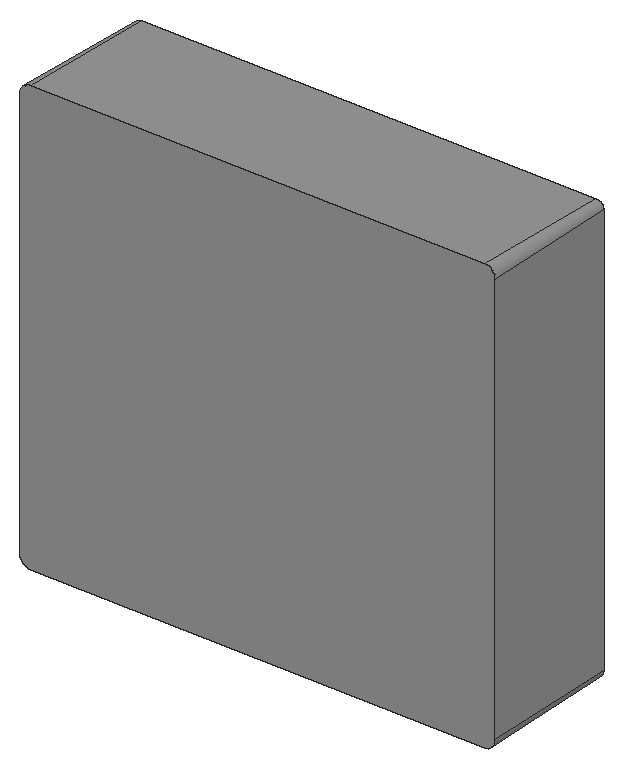
Revit family "L&L_LUCE&LIGHT_PASITO_1.2", category Lighting Fixtures, host Wall, Revit 2018 (continued)
Types (2, lengths in mm): name | Photometric Web File | built-in parameter 1150142
    0 0.00 0.00 0.00 0.00 0.00 0.00 0.00 0.00 0.00 \r\n0.00 0.00 0.00 0.00 0.00 0.00 0.00 0.00 0.00 0.00 0.00 \r\n0.00 0.00 0.00 0.00 0.00 0.00 0.00 0.00 0.00 0.00 0.00 \r\n0.00 0.00 0.00 0.00 0.00 0.00 0.00 0.00 0.00 0.00 0.00 \r\n0.00 0.00 0.00 0.00 0.00 0.00 0.00 0.00 0.00 0.00 0.00 \r\n0.00 0.00 0.00 0.00 0.00 0.00 0.00 0.00 0.00 0.00 0.00 \r\n0.00 0.00 0.00 0.00 0.02 \r\n0.14 0.01 0.00 0.00 0.00 0.00 0.00 0.00 0.00 0.00 0.00 \r\n0.00 0.00 0.00 0.00 0.00 0.00 0.00 0.00 0.00 0.00 0.00 \r\n0.00 0.00 0.00 0.00 0.00 0.00 0.00 0.00 0.00 0.00 0.00 \r\n0.00 0.00 0.00 0.00 0.00 0.00 0.00 0.00 0.00 0.00 0.00 \r\n0.00 0.00 0.00 0.00 0.00 0.00 0.00 0.00 0.00 0.00 0.00 \r\n0.00 0.00 0.00 0.00 0.00 0.00 0.00 0.00 0.00 0.00 0.00 \r\n0.00 0.00 0.00 0.00 0.00 0.00 0.00 0.00 0.00 0.00 0.00 \r\n0.00 0.00 0.00 0.00 0.00 0.00 0.00 0.00 0.00 0.00 0.00 \r\n0.00 0.00 0.00 0.00 0.00 0.00 0.00 0.00 0.00 0.00 0.00 \r\n0.00 0.00 0.00 0.00 0.00 0.00 0.00 0.00 0.00 0.00 0.00 \r\n0.00 0.00 0.00 0.00 0.00 0.00 0.00 0.00 0.00 0.00 0.00 \r\n0.00 0.00 0.00 0.00 0.00 0.00 0.00 0.00 0.00 0.00 0.00 \r\n0.00 0.00 0.00 0.00 0.00 0.00 0.00 0.00 0.00 0.00 0.00 \r\n0.00 0.00 0.00 0.00 0.00 0.00 0.00 0.00 0.00 0.00 0.00 \r\n0.00 0.00 0.00 0.00 0.00 0.00 0.00 0.00 0.00 0.00 0.00 \r\n0.00 0.00 0.00 0.00 0.00 0.00 0.00 0.00 0.00 0.00 0.00 \r\n0.00 0.00 0.00 0.00 0.02 \r\n0.14 0.00 0.00 0.00 0.00 0.00 0.00 0.00 0.00 0.00 0.00 \r\n0.00 0.00 0.00 0.00 0.00 0.00 0.00 0.00 0.00 0.00 0.00 \r\n0.00 0.00 0.00 0.00 0.00 0.00 0.00 0.00 0.00 0.00 0.00 \r\n0.00 0.00 0.00 0.00 0.00 0.00 0.00 0.00 0.00 0.00 0.00 \r\n0.00 0.00 0.00 0.00 0.00 0.00 0.00 0.00 0.00 0.00 0.00 \r\n0.00 0.00 0.00 0.00 0.00 0.00 0.00 0.00 0.00 0.00 0.00 \r\n0.00 0.00 0.00 0.00 0.00 0.00 0.00 0.00 0.00 0.00 0.00 \r\n0.00 0.00 0.00 0.00 0.00 0.00 0.00 0.00 0.00 0.00 0.00 \r\n0.00 0.00 0.00 0.00 0.00 0.00 0.00 0.00 0.00 0.00 0.00 \r\n0.00 0.00 0.00 0.00 0.00 0.00 0.00 0.00 0.00 0.00 0.00 \r\n0.00 0.00 0.00 0.00 0.00 0.00 0.00 0.00 0.00 0.00 0.00 \r\n0.00 0.00 0.00 0.00 0.00 0.00 0.00 0.00 0.00 0.00 0.00 \r\n0.00 0.00 0.00 0.00 0.00 0.00 0.00 0.00 0.00 0.00 0.00 \r\n0.00 0.00 0.00 0.00 0.00 0.00 0.00 0.00 0.00 0.00 0.00 \r\n0.00 0.00 0.00 0.00 0.00 0.00 0.00 0.00 0.00 0.00 0.00 \r\n0.00 0.00 0.00 0.00 0.00 0.00 0.00 0.00 0.00 0.00 0.00 \r\n0.00 0.00 0.00 0.00 0.02 \r\n0.14 0.00 0.00 0.00 0.00 0.00 0.00 0.00 0.00 0.00 0.00 \r\n0.00 0.00 0.00 0.00 0.00 0.00 0.00 0.00 0.00 0.00 0.00 \r\n0.00 0.00 0.00 0.00 0.00 0.00 0.00 0.00 0.00 0.00 0.00 \r\n0.00 0.00 0.00 0.00 0.00 0.00 0.00 0.00 0.00 0.00 0.00 \r\n0.00 0.00 0.00 0.00 0.00 0.00 0.00 0.00 0.00 0.00 0.00 \r\n0.00 0.00 0.00 0.00 0.00 0.00 0.00 0.00 0.00 0.00 0.00 \r\n0.00 0.00 0.00 0.00 0.00 0.00 0.00 0.00 0.00 0.00 0.00 \r\n0.00 0.00 0.00 0.00 0.00 0.00 0.00 0.00 0.00 0.00 0.00 \r\n0.00 0.00 0.00 0.00 0.00 0.00 0.00 0.00 0.00 0.00 0.00 \r\n0.00 0.00 0.00 0.00 0.00 0.00 0.00 0.00 0.00 0.00 0.00 \r\n0.00 0.00 0.00 0.00 0.00 0.00 0.00 0.00 0.00 0.00 0.00 \r\n0.00 0.00 0.00 0.00 0.00 0.00 0.00 0.00 0.00 0.00 0.00 \r\n0.00 0.00 0.00 0.00 0.00 0.00 0.00 0.00 0.00 0.00 0.00 \r\n0.00 0.00 0.00 0.00 0.00 0.00 0.00 0.00 0.00 0.00 0.00 \r\n0.00 0.00 0.00 0.00 0.00 0.00 0.00 0.00 0.00 0.00 0.00 \r\n0.00 0.00 0.00 0.00 0.00 0.00 0.00 0.00 0.00 0.00 0.00 \r\n0.00 0.00 0.00 0.00 0.02 \r\n0.14 0.00 0.00 0.00 0.00 0.00 0.00 0.00 0.00 0.00 0.00 \r\n0.00 0.00 0.00 0.00 0.00 0.00 0.00 0.00 0.00 0.00 0.00 \r\n0.00 0.00 0.00 0.00 0.00 0.00 0.00 0.00 0.00 0.00 0.00 \r\n0.00 0.00 0.00 0.00 0.00 0.00 0.00 0.00 0.00 0.00 0.00 \r\n0.00 0.00 0.00 0.00 0.00 0.00 0.00 0.00 0.00 0.00 0.00 \r\n0.00 0.00 0.00 0.00 0.00 0.00 0.00 0.00 0.00 0.00 0.00 \r\n0.00 0.00 0.00 0.00 0.00 0.00 0.00 0.00 0.00 0.00 0.00 \r\n0.00 0.00 0.00 0.00 0.00 0.00 0.00 0.00 0.00 0.00 0.00 \r\n0.00 0.00 0.00 0.00 0.00 0.00 0.00 0.00 0.00 0.00 0.00 \r\n0.00 0.00 0.00 0.00 0.00 0.00 0.00 0.00 0.00 0.00 0.00 \r\n0.00 0.00 0.00 0.00 0.00 0.00 0.00 0.00 0.00 0.00 0.00 \r\n0.00 0.00 0.00 0.00 0.00 0.00 0.00 0.00 0.00 0.00 0.00 \r\n0.00 0.00 0.00 0.00 0.00 0.00 0.00 0.00 0.00 0.00 0.00 \r\n0.00 0.00 0.00 0.00 0.00 0.00 0.00 0.00 0.00 0.00 0.00 \r\n0.00 0.00 0.00 0.00 0.00 0.00 0.00 0.00 0.00 0.00 0.00 \r\n0.00 0.00 0.00 0.00 0.00 0.00 0.00 0.00 0.00 0.00 0.00 \r\n0.00 0.00 0.00 0.00 0.02 \r\n0.14 0.00 0.00 0.00 0.00 0.00 0.00 0.00 0.00 0.00 0.00 \r\n0.00 0.00 0.00 0.00 0.00 0.00 0.00 0.00 0.00 0.00 0.00 \r\n0.00 0.00 0.00 0.00 0.00 0.00 0.00 0.00 0.00 0.00 0.00 \r\n0.00 0.00 0.00 0.00 0.00 0.00 0.00 0.00 0.00 0.00 0.00 \r\n0.00 0.00 0.00 0.00 0.00 0.00 0.00 0.00 0.00 0.00 0.00 \r\n0.00 0.00 0.00 0.00 0.00 0.00 0.00 0.00 0.00 0.00 0.00 \r\n0.00 0.00 0.00 0.00 0.00 0.00 0.00 0.00 0.00 0.00 0.00 \r\n0.00 0.00 0.00 0.00 0.00 0.00 0.00 0.00 0.00 0.00 0.00 \r\n0.00 0.00 0.00 0.00 0.00 0.00 0.00 0.00 0.00 0.00 0.00 \r\n0.00 0.00 0.00 0.00 0.00 0.00 0.00 0.00 0.00 0.00 0.00 \r\n0.00 0.00 0.00 0.00 0.00 0.00 0.00 0.00 0.00 0.00 0.00 \r\n0.00 0.00 0.00 0.00 0.00 0.00 0.00 0.00 0.00 0.00 0.00 \r\n0.00 0.00 0.00 0.00 0.00 0.00 0.00 0.00 0.00 0.00 0.00 \r\n0.00 0.00 0.00 0.00 0.00 0.00 0.00 0.00 0.00 0.00 0.00 \r\n0.00 0.00 0.00 0.00 0.00 0.00 0.00 0.00 0.00 0.00 0.00 \r\n0.00 0.00 0.00 0.00 0.00 0.00 0.00 0.00 0.00 0.00 0.00 \r\n0.00 0.00 0.00 0.00 0.02 \r\n0.14 0.00 0.00 0.00 0.00 0.00 0.00 0.00 0.00 0.00 0.00 \r\n0.00 0.00 0.00 0.00 0.00 0.00 0.00 0.00 0.00 0.00 0.00 \r\n0.00 0.00 0.00 0.00 0.00 0.00 0.00 0.00 0.00 0.00 0.00 \r\n0.00 0.00 0.00 0.00 0.00 0.00 0.00 0.00 0.00 0.00 0.00 \r\n0.00 0.00 0.00 0.00 0.00 0.00 0.00 0.00 0.00 0.00 0.00 \r\n0.00 0.00 0.00 0.00 0.00 0.00 0.00 0.00 0.00 0.00 0.00 \r\n0.00 0.00 0.00 0.00 0.00 0.00 0.00 0.00 0.00 0.00 0.00 \r\n0.00 0.00 0.00 0.00 0.00 0.00 0.00 0.00 0.00 0.00 0.00 \r\n0.00 0.00 0.00 0.00 0.00 0.00 0.00 0.00 0.00 0.00 0.00 \r\n0.00 0.00 0.00 0.00 0.00 0.00 0.00 0.00 0.00 0.00 0.00 \r\n0.00 0.00 0.00 0.00 0.00 0.00 0.00 0.00 0.00 0.00 0.00 \r\n0.00 0.00 0.00 0.00 0.00 0.00 0.00 0.00 0.00 0.00 0.00 \r\n0.00 0.00 0.00 0.00 0.00 0.00 0.00 0.00 0.00 0.00 0.00 \r\n0.00 0.00 0.00 0.00 0.00 0.00 0.00 0.00 0.00 0.00 0.00 \r\n0.00 0.00 0.00 0.00 0.00 0.00 0.00 0.00 0.00 0.00 0.00 \r\n0.00 0.00 0.00 0.00 0.00 0.00 0.00 0.00 0.00 0.00 0.00 \r\n0.00 0.00 0.00 0.00 0.02 \r\n0.14 0.01 0.00 0.00 0.00 0.00 0.00 0.00 0.00 0.00 0.00 \r\n0.00 0.00 0.00 0.00 0.00 0.00 0.00 0.00 0.00 0.00 0.00 \r\n0.00 0.00 0.00 0.00 0.00 0.00 0.00 0.00 0.00 0.00 0.00 \r\n0.00 0.00 0.00 0.00 0.00 0.00 0.00 0.00 0.00 0.00 0.00 \r\n0.00 0.00 0.00 0.00 0.00 0.00 0.00 0.00 0.00 0.00 0.00 \r\n0.00 0.00 0.00 0.00 0.00 0.00 0.00 0.00 0.00 0.00 0.00 \r\n0.00 0.00 0.00 0.00 0.00 0.00 0.00 0.00 0.00 0.00 0.00 \r\n0.00 0.00 0.00 0.00 0.00 0.00 0.00 0.00 0.00 0.00 0.00 \r\n0.00 0.00 0.00 0.00 0.00 0.00 0.00 0.00 0.00 0.00 0.00 \r\n0.00 0.00 0.00 0.00 0.00 0.00 0.00 0.00 0.00 0.00 0.00 \r\n0.00 0.00 0.00 0.00 0.00 0.00 0.00 0.00 0.00 0.00 0.00 \r\n0.00 0.00 0.00 0.00 0.00 0.00 0.00 0.00 0.00 0.00 0.00 \r\n0.00 0.00 0.00 0.00 0.00 0.00 0.00 0.00 0.00 0.00 0.00 \r\n0.00 0.00 0.00 0.00 0.00 0.00 0.00 0.00 0.00 0.00 0.00 \r\n0.00 0.00 0.00 0.00 0.00 0.00 0.00 0.00 0.00 0.00 0.00 \r\n0.00 0.00 0.00 0.00 0.00 0.00 0.00 0.00 0.00 0.00 0.00 \r\n0.00 0.00 0.00 0.00 0.02 \r\n0.14 0.01 0.00 0.00 0.00 0.00 0.00 0.00 0.00 0.00 0.00 \r\n0.00 0.00 0.00 0.00 0.00 0.00 0.00 0.00 0.00 0.00 0.00 \r\n0.00 0.00 0.00 0.00 0.00 0.00 0.00 0.00 0.00 0.00 0.00 \r\n0.00 0.00 0.00 0.00 0.00 0.00 0.00 0.00 0.00 0.00 0.00 \r\n0.00 0.00 0.00 0.00 0.00 0.00 0.00 0.00 0.00 0.00 0.00 \r\n0.00 0.00 0.00 0.00 0.00 0.00 0.00 0.00 0.00 0.00 0.00 \r\n0.00 0.00 0.00 0.00 0.00 0.00 0.00 0.00 0.00 0.00 0.00 \r\n0.00 0.00 0.00 0.00 0.00 0.00 0.00 0.00 0.00 0.00 0.00 \r\n0.00 0.00 0.00 0.00 0.00 0.00 0.00 0.00 0.00 0.00 0.00 \r\n0.00 0.00 0.00 0.00 0.00 0.00 0.00 0.00 0.00 0.00 0.00 \r\n0.00 0.00 0.00 0.00 0.00 0.00 0.00 0.00 0.00 0.00 0.00 \r\n0.00 0.00 0.00 0.00 0.00 0.00 0.00 0.00 0.00 0.00 0.00 \r\n0.00 0.00 0.00 0.00 0.00 0.00 0.00 0.00 0.00 0.00 0.00 \r\n0.00 0.00 0.00 0.00 0.00 0.00 0.00 0.00 0.00 0.00 0.00 \r\n0.00 0.00 0.00 0.00 0.00 0.00 0.00 0.00 0.00 0.00 0.00 \r\n0.00 0.00 0.00 0.00 0.00 0.00 0.00 0.00 0.00 0.00 0.00 \r\n0.00 0.00 0.00 0.00 0.02 \r\n0.14 0.01 0.00 0.00 0.00 0.00 0.00 0.00 0.00 0.00 0.00 \r\n0.00 0.00 0.00 0.00 0.00 0.00 0.00 0.00 0.00 0.00 0.00 \r\n0.00 0.00 0.00 0.00 0.00 0.00 0.00 0.00 0.00 0.00 0.00 \r\n0.00 0.00 0.00 0.00 0.00 0.00 0.00 0.00 0.00 0.00 0.00 \r\n0.00 0.00 0.00 0.00 0.00 0.00 0.00 0.00 0.00 0.00 0.00 \r\n0.00 0.00 0.00 0.00 0.00 0.00 0.00 0.00 0.00 0.00 0.00 \r\n0.00 0.00 0.00 0.00 0.00 0.00 0.00 0.00 0.00 0.00 0.00 \r\n0.00 0.00 0.00 0.00 0.00 0.00 0.00 0.00 0.00 0.00 0.00 \r\n0.00 0.00 0.00 0.00 0.00 0.00 0.00 0.00 0.00 0.00 0.00 \r\n0.00 0.00 0.00 0.00 0.00 0.00 0.00 0.00 0.00 0.00 0.00 \r\n0.00 0.00 0.00 0.00 0.00 0.00 0.00 0.00 0.00 0.00 0.00 \r\n0.00 0.00 0.00 0.00 0.00 0.00 0.00 0.00 0.00 0.00 0.00 \r\n0.00 0.00 0.00 0.00 0.00 0.00 0.00 0.00 0.00 0.00 0.00 \r\n0.00 0.00 0.00 0.00 0.00 0.00 0.00 0.00 0.00 0.00 0.00 \r\n0.00 0.00 0.00 0.00 0.00 0.00 0.00 0.00 0.00 0.00 0.00 \r\n0.00 0.00 0.00 0.00 0.00 0.00 0.00 0.00 0.00 0.00 0.00 \r\n0.00 0.00 0.00 0.00 0.02 \r\n0.14 0.02 0.00 0.00 0.00 0.00 0.00 0.00 0.00 0.00 0.00 \r\n0.00 0.00 0.00 0.00 0.00 0.00 0.00 0.00 0.00 0.00 0.00 \r\n0.00 0.00 0.00 0.00 0.00 0.00 0.00 0.00 0.00 0.00 0.00 \r\n0.00 0.00 0.00 0.00 0.00 0.00 0.00 0.00 0.00 0.00 0.00 \r\n0.00 0.00 0.00 0.00 0.00 0.00 0.00 0.00 0.00 0.00 0.00 \r\n0.00 0.00 0.00 0.00 0.00 0.00 0.00 0.00 0.00 0.00 0.00 \r\n0.00 0.00 0.00 0.00 0.00 0.00 0.00 0.00 0.00 0.00 0.00 \r\n0.00 0.00 0.00 0.00 0.00 0.00 0.00 0.00 0.00 0.00 0.00 \r\n0.00 0.00 0.00 0.00 0.00 0.00 0.00 0.00 0.00 0.00 0.00 \r\n0.00 0.00 0.00 0.00 0.00 0.00 0.00 0.00 0.00 0.00 0.00 \r\n0.00 0.00 0.00 0.00 0.00 0.00 0.00 0.00 0.00 0.00 0.00 \r\n0.00 0.00 0.00 0.00 0.00 0.00 0.00 0.00 0.00 0.00 0.00 \r\n0.00 0.00 0.00 0.00 0.00 0.00 0.00 0.00 0.00 0.00 0.00 \r\n0.00 0.00 0.00 0.00 0.00 0.00 0.00 0.00 0.00 0.00 0.00 \r\n0.00 0.00 0.00 0.00 0.00 0.00 0.00 0.00 0.00 0.00 0.00 \r\n0.00 0.00 0.00 0.00 0.00 0.00 0.00 0.00 0.00 0.00 0.00 \r\n0.00 0.00 0.00 0.00 0.02 \r\n0.14 0.03 0.00 0.00 0.00 0.00 0.00 0.00 0.00 0.00 0.00 \r\n0.00 0.00 0.00 0.00 0.00 0.00 0.00 0.00 0.00 0.00 0.00 \r\n0.00 0.00 0.00 0.00 0.00 0.00 0.00 0.00 0.00 0.00 0.00 \r\n0.00 0.00 0.00 0.00 0.00 0.00 0.00 0.00 0.00 0.00 0.00 \r\n0.00 0.00 0.00 0.00 0.00 0.00 0.00 0.00 0.00 0.00 0.00 \r\n0.00 0.00 0.00 0.00 0.00 0.00 0.00 0.00 0.00 0.00 0.00 \r\n0.00 0.00 0.00 0.00 0.00 0.00 0.00 0.00 0.00 0.00 0.00 \r\n0.00 0.00 0.00 0.00 0.00 0.00 0.00 0.00 0.00 0.00 0.00 \r\n0.00 0.00 0.00 0.00 0.00 0.00 0.00 0.00 0.00 0.00 0.00 \r\n0.00 0.00 0.00 0.00 0.00 0.00 0.00 0.00 0.00 0.00 0.00 \r\n0.00 0.00 0.00 0.00 0.00 0.00 0.00 0.00 0.00 0.00 0.00 \r\n0.00 0.00 0.00 0.00 0.00 0.00 0.00 0.00 0.00 0.00 0.00 \r\n0.00 0.00 0.00 0.00 0.00 0.00 0.00 0.00 0.00 0.00 0.00 \r\n0.00 0.00 0.00 0.00 0.00 0.00 0.00 0.00 0.00 0.00 0.00 \r\n0.00 0.00 0.00 0.00 0.00 0.00 0.00 0.00 0.00 0.00 0.00 \r\n0.00 0.00 0.00 0.00 0.00 0.00 0.00 0.00 0.00 0.00 0.00 \r\n0.00 0.00 0.00 0.00 0.02 \r\n0.14 0.04 0.00 0.00 0.00 0.00 0.00 0.00 0.00 0.00 0.00 \r\n0.00 0.00 0.00 0.00 0.00 0.00 0.00 0.00 0.00 0.00 0.00 \r\n0.00 0.00 0.00 0.00 0.00 0.00 0.00 0.00 0.00 0.00 0.00 \r\n0.00 0.00 0.00 0.00 0.00 0.00 0.00 0.00 0.00 0.00 0.00 \r\n0.00 0.00 0.00 0.00 0.00 0.00 0.00 0.00 0.00 0.00 0.00 \r\n0.00 0.00 0.00 0.00 0.00 0.00 0.00 0.00 0.00 0.00 0.00 \r\n0.00 0.00 0.00 0.00 0.00 0.00 0.00 0.00 0.00 0.00 0.00 \r\n0.00 0.00 0.00 0.00 0.00 0.00 0.00 0.00 0.00 0.00 0.00 \r\n0.00 0.00 0.00 0.00 0.00 0.00 0.00 0.00 0.00 0.00 0.00 \r\n0.00 0.00 0.00 0.00 0.00 0.00 0.00 0.00 0.00 0.00 0.00 \r\n0.00 0.00 0.00 0.00 0.00 0.00 0.00 0.00 0.00 0.00 0.00 \r\n0.00 0.00 0.00 0.00 0.00 0.00 0.00 0.00 0.00 0.00 0.00 \r\n0.00 0.00 0.00 0.00 0.00 0.00 0.00 0.00 0.00 0.00 0.00 \r\n0.00 0.00 0.00 0.00 0.00 0.00 0.00 0.00 0.00 0.00 0.00 \r\n0.00 0.00 0.00 0.00 0.00 0.00 0.00 0.00 0.00 0.00 0.00 \r\n0.00 0.00 0.00 0.00 0.00 0.00 0.00 0.00 0.00 0.00 0.00 \r\n0.00 0.00 0.00 0.00 0.02 \r\n0.14 0.04 0.00 0.00 0.00 0.00 0.00 0.00 0.00 0.00 0.00 \r\n0.00 0.00 0.00 0.00 0.00 0.00 0.00 0.00 0.00 0.00 0.00 \r\n0.00 0.00 0.00 0.00 0.00 0.00 0.00 0.00 0.00 0.00 0.00 \r\n0.00 0.00 0.00 0.00 0.00 0.00 0.00 0.00 0.00 0.00 0.00 \r\n0.00 0.00 0.00 0.00 0.00 0.00 0.00 0.00 0.00 0.00 0.00 \r\n0.00 0.00 0.00 0.00 0.00 0.00 0.00 0.00 0.00 0.00 0.00 \r\n0.00 0.00 0.00 0.00 0.00 0.00 0.00 0.00 0.00 0.00 0.00 \r\n0.00 0.00 0.00 0.00 0.00 0.00 0.00 0.00 0.00 0.00 0.00 \r\n0.00 0.00 0.00 0.00 0.00 0.00 0.00 0.00 0.00 0.00 0.00 \r\n0.00 0.00 0.00 0.00 0.00 0.00 0.00 0.00 0.00 0.00 0.00 \r\n0.00 0.00 0.00 0.00 0.00 0.00 0.00 0.00 0.00 0.00 0.00 \r\n0.00 0.00 0.00 0.00 0.00 0.00 0.00 0.00 0.00 0.00 0.00 \r\n0.00 0.00 0.00 0.00 0.00 0.00 0.00 0.00 0.00 0.00 0.00 \r\n0.00 0.00 0.00 0.00 0.00 0.00 0.00 0.00 0.00 0.00 0.00 \r\n0.00 0.00 0.00 0.00 0.00 0.00 0.00 0.00 0.00 0.00 0.00 \r\n0.00 0.00 0.00 0.00 0.00 0.00 0.00 0.00 0.00 0.00 0.00 \r\n0.00 0.00 0.00 0.00 0.02 \r\n0.14 0.05 0.00 0.00 0.00 0.00 0.00 0.00 0.00 0.00 0.00 \r\n0.00 0.00 0.00 0.00 0.00 0.00 0.00 0.00 0.00 0.00 0.00 \r\n0.00 0.00 0.00 0.00 0.00 0.00 0.00 0.00 0.00 0.00 0.00 \r\n0.00 0.00 0.00 0.00 0.00 0.00 0.00 0.00 0.00 0.00 0.00 \r\n0.00 0.00 0.00 0.00 0.00 0.00 0.00 0.00 0.00 0.00 0.00 \r\n0.00 0.00 0.00 0.00 0.00 0.00 0.00 0.00 0.00 0.00 0.00 \r\n0.00 0.00 0.00 0.00 0.00 0.00 0.00 0.00 0.00 0.00 0.00 \r\n0.00 0.00 0.00 0.00 0.00 0.00 0.00 0.00 0.00 0.00 0.00 \r\n0.00 0.00 0.00 0.00 0.00 0.00 0.00 0.00 0.00 0.00 0.00 \r\n0.00 0.00 0.00 0.00 0.00 0.00 0.00 0.00 0.00 0.00 0.00 \r\n0.00 0.00 0.00 0.00 0.00 0.00 0.00 0.00 0.00 0.00 0.00 \r\n0.00 0.00 0.00 0.00 0.00 0.00 0.00 0.00 0.00 0.00 0.00 \r\n0.00 0.00 0.00 0.00 0.00 0.00 0.00 0.00 0.00 0.00 0.00 \r\n0.00 0.00 0.00 0.00 0.00 0.00 0.00 0.00 0.00 0.00 0.00 \r\n0.00 0.00 0.00 0.00 0.00 0.00 0.00 0.00 0.00 0.00 0.00 \r\n0.00 0.00 0.00 0.00 0.00 0.00 0.00 0.00 0.00 0.00 0.00 \r\n0.00 0.00 0.00 0.00 0.02 \r\n0.14 0.06 0.00 0.00 0.00 0.00 0.00 0.00 0.00 0.00 0.00 \r\n0.00 0.00 0.00 0.00 0.00 0.00 0.00 0.00 0.00 0.00 0.00 \r\n0.00 0.00 0.00 0.00 0.00 0.00 0.00 0.00 0.00 0.00 0.00 \r\n0.00 0.00 0.00 0.00 0.00 0.00 0.00 0.00 0.00 0.00 0.00 \r\n0.00 0.00 0.00 0.00 0.00 0.00 0.00 0.00 0.00 0.00 0.00 \r\n0.00 0.00 0.00 0.00 0.00 0.00 0.00 0.00 0.00 0.00 0.00 \r\n0.00 0.00 0.00 0.00 0.00 0.00 0.00 0.00 0.00 0.00 0.00 \r\n0.00 0.00 0.00 0.00 0.00 0.00 0.00 0.00 0.00 0.00 0.00 \r\n0.00 0.00 0.00 0.00 0.00 0.00 0.00 0.00 0.00 0.00 0.00 \r\n0.00 0.00 0.00 0.00 0.00 0.00 0.00 0.00 0.00 0.00 0.00 \r\n0.00 0.00 0.00 0.00 0.00 0.00 0.00 0.00 0.00 0.00 0.00 \r\n0.00 0.00 0.00 0.00 0.00 0.00 0.00 0.00 0.00 0.00 0.00 \r\n0.00 0.00 0.00 0.00 0.00 0.00 0.00 0.00 0.00 0.00 0.00 \r\n0.00 0.00 0.00 0.00 0.00 0.00 0.00 0.00 0.00 0.00 0.00 \r\n0.00 0.00 0.00 0.00 0.00 0.00 0.00 0.00 0.00 0.00 0.00 \r\n0.00 0.00 0.00 0.00 0.00 0.00 0.00 0.00 0.00 0.00 0.00 \r\n0.00 0.00 0.00 0.00 0.02 \r\n0.14 0.08 0.00 0.00 0.00 0.00 0.00 0.00 0.00 0.00 0.00 \r\n0.00 0.00 0.00 0.00 0.00 0.00 0.00 0.00 0.00 0.00 0.00 \r\n0.00 0.00 0.00 0.00 0.00 0.00 0.00 0.00 0.00 0.00 0.00 \r\n0.00 0.00 0.00 0.00 0.00 0.00 0.00 0.00 0.00 0.00 0.00 \r\n0.00 0.00 0.00 0.00 0.00 0.00 0.00 0.00 0.00 0.00 0.00 \r\n0.00 0.00 0.00 0.00 0.00 0.00 0.00 0.00 0.00 0.00 0.00 \r\n0.00 0.00 0.00 0.00 0.00 0.00 0.00 0.00 0.00 0.00 0.00 \r\n0.00 0.00 0.00 0.00 0.00 0.00 0.00 0.00 0.00 0.00 0.00 \r\n0.00 0.00 0.00 0.00 0.00 0.00 0.00 0.00 0.00 0.00 0.00 \r\n0.00 0.00 0.00 0.00 0.00 0.00 0.00 0.00 0.00 0.00 0.00 \r\n0.00 0.00 0.00 0.00 0.00 0.00 0.00 0.00 0.00 0.00 0.00 \r\n0.00 0.00 0.00 0.00 0.00 0.00 0.00 0.00 0.00 0.00 0.00 \r\n0.00 0.00 0.00 0.00 0.00 0.00 0.00 0.00 0.00 0.00 0.00 \r\n0.00 0.00 0.00 0.00 0.00 0.00 0.00 0.00 0.00 0.00 0.00 \r\n0.00 0.00 0.00 0.00 0.00 0.00 0.00 0.00 0.00 0.00 0.00 \r\n0.00 0.00 0.00 0.00 0.00 0.00 0.00 0.00 0.00 0.00 0.00 \r\n0.00 0.00 0.00 0.01 0.02 \r\n0.14 0.09 0.02 0.00 0.00 0.00 0.00 0.00 0.00 0.00 0.00 \r\n0.00 0.00 0.00 0.00 0.00 0.00 0.00 0.00 0.00 0.00 0.00 \r\n0.00 0.00 0.00 0.00 0.00 0.00 0.00 0.00 0.00 0.00 0.00 \r\n0.00 0.00 0.00 0.00 0.00 0.00 0.00 0.00 0.00 0.00 0.00 \r\n0.00 0.00 0.00 0.00 0.00 0.00 0.00 0.00 0.00 0.00 0.00 \r\n0.00 0.00 0.00 0.00 0.00 0.00 0.00 0.00 0.00 0.00 0.00 \r\n0.00 0.00 0.00 0.00 0.00 0.00 0.00 0.00 0.00 0.00 0.00 \r\n0.00 0.00 0.00 0.00 0.00 0.00 0.00 0.00 0.00 0.00 0.00 \r\n0.00 0.00 0.00 0.00 0.00 0.00 0.00 0.00 0.00 0.00 0.00 \r\n0.00 0.00 0.00 0.00 0.00 0.00 0.00 0.00 0.00 0.00 0.00 \r\n0.00 0.00 0.00 0.00 0.00 0.00 0.00 0.00 0.00 
